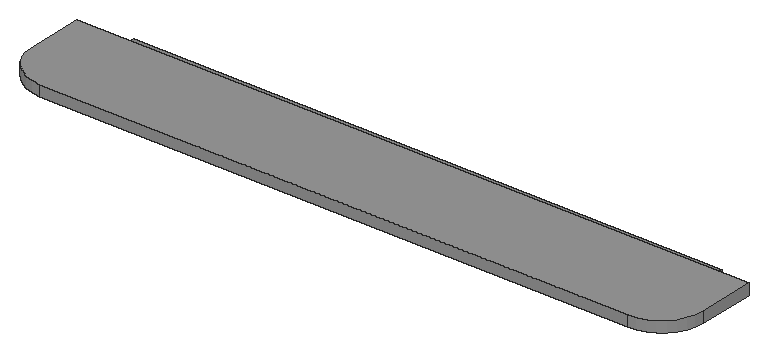
Revit family "Haworth_Pergola_Accessory_TetheredLedge_PRELIM", category Furniture Systems, Revit 2018
Family settings
  Round Connector Dimension = Use Diameter
  Part Type = Normal
  OmniClass Number = 23.40.70.14.64.21
  OmniClass Title = Systems Furniture
  Work Plane-Based = No
  Always vertical = Yes
  Cut with Voids When Loaded = No
  Shared = No
  Room Calculation Point = No
Parameters (values of type "48w")
  Worksurface Finish = Haworth _ Laminate _ Undecided _ Pergola
  Width = 48"
  Warranty = "http://www.haworth.com/resources/product-info/warranties"
  URL - Product = "https://www.haworth.com/na/en/inspiration/pergola.html"
  URL = "http://www.haworth.com"
  Trim Finish = Haworth _ Paint _ Undecided _ Pergola
  Sustainability Info = "http://www.haworth.com/company-info/sustainablility"
  Standard Width = "48, 72, 96, 120, 144 in."  # constant formula
  Model = "Haworth Pergola"  # constant formula
  Description = "Haworth - Pergola Tethered Ledge"  # constant formula
  Bracket Thickness = 5/32"  # constant formula
  Half Bracket Width = (Actual Width - 3" - 3") / 2  # 21"
  Bracket Offset = 1 23/64"  # constant formula
  Bracket Depth = 5 23/64"  # constant formula
  Actual Depth = 7"  # constant formula
  Size = "Verify Final Dim. w/ Haworth"  # constant formula
  Revision Number = "1"  # constant formula
  Manufacturer = "Haworth"  # constant formula
  Author = "Haworth (Bentzen)"  # constant formula
  Assembly Code = "E2020200"
  Actual Width = Width  # 48"
  Actual Height = 201/256"  # constant formula
Types (3): name | Width | Half Bracket Width | Actual Width
  24w | 24" | 9" | 24"
  36w | 36" | 15" | 36"
  48w | 48" | 21" | 48"
Reference planes (in)
  plane 1 "Bottom": z = 39.383
  plane 2 "Top": z = 40.16816
  plane 3 "Center (Elevation)": z = 39.77558
  plane 4 "Left": x = -20.67555
  plane 5 "Center (Left/Right)": x = 3.32445
  plane 6 "Right": x = 27.32445
  plane 7 "Back": y = 20.13418
  plane 8 "Center (Front/Back)": y = 16.63418
  plane 9 "Front": y = 13.13418
  plane 10 "Bracket Back": y = 21.49356
  plane 11: y = 16.13418
  plane 12: x = -17.67555
  plane 13: x = 24.32445
  plane 14: z = 39.22675
  plane 15: z = 39.30487
Forms (in)
  Extrusion 1, solid, material "Haworth _ Laminate _ Undecided _ Pergola" <- "Worksurface Finish"
    sketch origin (0, 0, 0) x (1, 0, 0) y (0, 1, 0)
      loop
        line (-20.67555, 20.13418) -> (-20.67555, 16.13418)
        arc (-20.67555, 16.13418) -> (-19.79687, 14.01286) -> (-17.67555, 13.13418) r 3
        line (-17.67555, 13.13418) -> (24.32445, 13.13418)
        arc (24.32445, 13.13418) -> (26.44577, 14.01286) -> (27.32445, 16.13418) r 3
        line (27.32445, 16.13418) -> (27.32445, 20.13418) -> (-20.67555, 20.13418)
    from 39.383 to 40.16816
  Extrusion 2, solid, material "Haworth _ Paint _ Undecided _ Pergola" <- "Trim Finish"
    sketch origin (0, 0, 0) x (1, 0, 0) y (0, 1, 0)
      loop
        line (-17.67555, 21.49356) -> (-17.67555, 16.88418)
        arc (-17.67555, 16.88418) -> (-17.45588, 16.35385) -> (-16.92555, 16.13418) r 0.75
        line (-16.92555, 16.13418) -> (23.57445, 16.13418)
        arc (23.57445, 16.13418) -> (24.10478, 16.35385) -> (24.32445, 16.88418) r 0.75
        line (24.32445, 16.88418) -> (24.32445, 21.49356) -> (-17.67555, 21.49356)
    from 39.22675 to 39.383
Lines and regions (in)
  Masking region 1
    outline origin (0, 0, 0) x (1, 0, 0) y (0, 1, 0)
      loop
        line (-20.67555, 20.13418) -> (-20.67555, 16.13418)
        arc (-20.67555, 16.13418) -> (-19.79687, 14.01286) -> (-17.67555, 13.13418) r 3
        line (-17.67555, 13.13418) -> (24.32445, 13.13418)
        arc (24.32445, 13.13418) -> (26.44577, 14.01286) -> (27.32445, 16.13418) r 3
        line (27.32445, 16.13418) -> (27.32445, 20.13418) -> (-20.67555, 20.13418)
Dimensions and locks (in)
  "Actual Width": plane 4 "Left" to plane 6 "Right"
  equal spacing: plane 4 "Left", plane 5 "Center (Left/Right)", plane 6 "Right"
  equal spacing: plane 9 "Front", plane 8 "Center (Front/Back)", plane 7 "Back"
  "Actual Depth": plane 9 "Front" to plane 7 "Back"
  equal spacing: plane 2 "Top", plane 3 "Center (Elevation)", plane 1 "Bottom"
  "Actual Height": plane 2 "Top" to plane 1 "Bottom"
  "Bracket Depth": plane 11 to plane 10 "Bracket Back"
  "Bracket Offset": plane 7 "Back" to plane 10 "Bracket Back"
  "Half Bracket Width": plane 12 to plane 5 "Center (Left/Right)"
  "Half Bracket Width": plane 5 "Center (Left/Right)" to plane 13
  "Bracket Thickness": plane 1 "Bottom" to plane 14
  equal spacing: plane 1 "Bottom", plane 15, plane 14
  aligned and locked: Extrusion 1 to plane 7 "Back"
  aligned and locked: plane 9 "Front" to Extrusion 1
  aligned and locked: Extrusion 1 to plane 4 "Left"
  aligned and locked: plane 6 "Right" to Extrusion 1
  aligned and locked: Extrusion 2 to plane 10 "Bracket Back"
  aligned and locked: Extrusion 2 to plane 12
  aligned and locked: plane 13 to Extrusion 2
  aligned and locked: plane 11 to Extrusion 2
  aligned and locked: plane 1 "Bottom" to Extrusion 2
  aligned and locked: Extrusion 2 to plane 14
  aligned and locked: plane 2 "Top" to Extrusion 1
  aligned and locked: Extrusion 1 to plane 1 "Bottom"
  aligned and locked: plane 9 "Front" to Masking region 1
  aligned and locked: Masking region 1 to plane 7 "Back"
  aligned and locked: Masking region 1 to plane 4 "Left"
  aligned and locked: plane 6 "Right" to Masking region 1
Automatic sketch dimensions
  plane 10 "Bracket Back" to Extrusion 2 sketch curve = 0"
  plane 12 to Extrusion 2 sketch curve = 0"
  Extrusion 2 sketch curve to Extrusion 2 sketch curve = 3/4"  (x2)
  Extrusion 2 sketch curve to plane 13 = 3/4"
  plane 7 "Back" to Extrusion 2 sketch curve = 3 1/4"
  Extrusion 1 sketch curve to plane 12 = 3"
  plane 8 "Center (Front/Back)" to Extrusion 1 sketch curve = 1/2"  (x2)
  Extrusion 1 sketch curve to plane 13 = 0"
  plane 13 to Extrusion 1 sketch curve = 3"
  Extrusion 1 sketch curve to plane 7 "Back" = 0"
  Masking region 1 sketch curve to plane 4 "Left" = 0"
  Masking region 1 sketch curve to plane 12 = 0"
  plane 9 "Front" to Masking region 1 sketch curve = 0"
  Masking region 1 sketch curve to plane 13 = 0"
  Masking region 1 sketch curve to plane 6 "Right" = 0"
  plane 7 "Back" to Masking region 1 sketch curve = 0"
